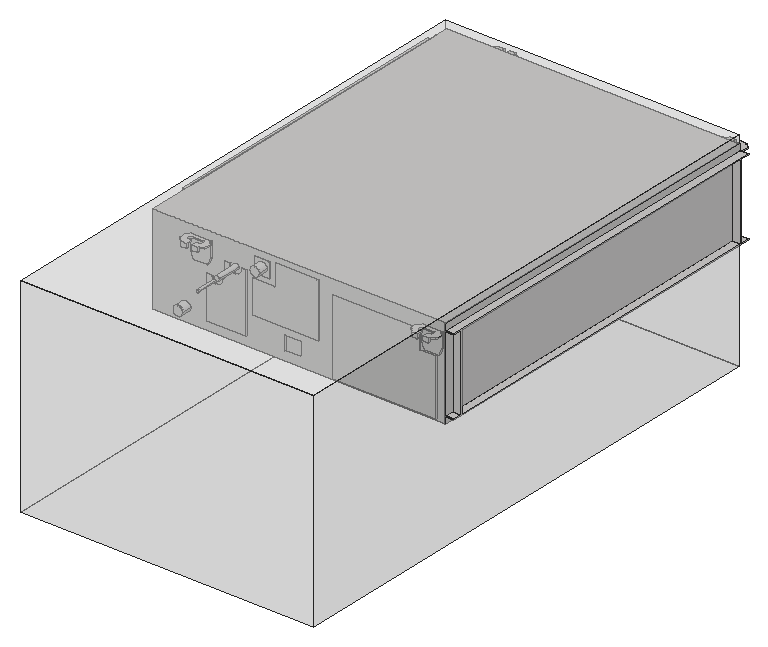
Revit family "outputfile", category 機械設備, Revit 2024
Family settings
  丸型コネクタ寸法 = 半径を使用
  パーツ タイプ = 標準
  OmniClass 番号 = 23.75.10.24.21.27.27
  OmniClass タイトル = Split System Air Conditioning Units
  作業面ベース = いいえ
  常に垂直 = はい
  ロード時にボイドで切り取り = いいえ
  注釈の向きを維持 = いいえ
  共有 = いいえ
  部屋計算ポイント = はい
Parameters (values of type "FBA60BAVMA8")
  製造元 = "Daikin"
  書き出し IFC クラス(タイプ) = "IfcUnitaryEquipmentType"
  定義済み IFC タイプ(タイプ) = "AIRCONDITIONINGUNIT"
  モデル = "FBA60BAVMA8"
  switch_frequency = yes
  r_Liquid Pipe Size = Liquid Pipe Size / 2  # 3.2 mm
  r_Gas Pipe Size = Gas Pipe Size / 2  # 6.35 mm
  r_Drain Pipe Size = Drain Pipe Size / 2  # 12.5 mm
  lw_power = 770.0 mm  # constant formula
  lh_SA = 138.0 mm  # constant formula
  lw_SA = if(Width = 550.0 mm, 225.0 mm, if(Width = 700.0 mm, 300.0 mm, if(Width = 1000.0 mm, 450.0 mm, if(Width = 1400.0 mm, 650.0 mm, 725.0 mm))))  # 450.0 mm
  lw_RA = if(Width = 550.0 mm, 275.0 mm, if(Width = 700.0 mm, 349.0 mm, if(Width = 1000.0 mm, 499.0 mm, if(Width = 1400.0 mm, 699.0 mm, 775.0 mm))))  # 499.0 mm
  lh_power = 60.0 mm + [h***]  # 60.0 mm
  lh_mountinghole1 = lh_mountinghole + [h***]  # 222.0 mm
  lh_RA = 123.0 mm  # constant formula
  ld_power = Width / 2  # 500.0 mm
  connector_voltage = Voltage_50Hz  # 230 V
  connector_powerinput = [Power Input (Cooling)]  # 1.670 kW
  connector_phase = Phase_50Hz  # 1
  Voltage_comment_60Hz = "220-230"
  Voltage_comment_50Hz = "220-240"
  Voltage_60Hz = 220 V
  Voltage_50Hz = 230 V
  Total Heating Capacity [instance] = 0.000 kW
  Supply Air Direction [instance] = yes
  Sound Power Level_H speed (dB) = 63
  Power Input (Heating) = 1.710 kW
  Phase_60Hz = 1
  Phase_50Hz = 1
  Nominal Heating Capacity = 7.100 kW
  Minimum External Static Pressure = 50.00 Pa
  Maximum External Static Pressure = 150.00 Pa
  Material_Casing = DAIKIN_GalvanizedSteel_Casing_indoorunit
  lw_mountinghole = 630.0 mm  # constant formula
  lh_gaspipe = 183.0 mm + [h***]  # 183.0 mm
  lh_mountinghole = 222.0 mm  # constant formula
  lh_liquidpipe = 136.0 mm + [h***]  # 136.0 mm
  lh_drainpipe = 207.0 mm + [h***]  # 207.0 mm
  lh_antena = Height - lh_mountinghole + 1.0 mm  # 24.0 mm
  ld_drainpipe = Width / 2 + 26.0 mm  # 526.0 mm
  ld_liquidpipe = Width / 2 + 69.0 mm  # 569.0 mm
  ld_gaspipe = Width / 2 + 65.0 mm  # 565.0 mm
  ld_mountinghole = Width + 38.0 mm  # 1038.0 mm
  h*** = 0.0 mm  # constant formula
  lw_liquidpipe = 179.0 mm  # constant formula
  lw_gaspipe = 229.0 mm  # constant formula
  lw_drainpipe = 300.0 mm  # constant formula
  Width = 1000.0 mm
  Version = "ver.1.0"
  Unit Type = "Duct"
  Unit Mass Weight = 37.00 kg
  Unit Designation [instance] = ""
  Uniclass2015Version = "Products v1.30"
  Uniclass2015Title = "Split coil room air conditioning units"
  Uniclass2015Code = "Pr_70_65_03_86"
  Total Cooling Capacity [instance] = 0.000 kW
  Sound Pressure Level_M speed (dBA) = 33
  Sound Pressure Level_L speed (dBA) = 31
  Sound Pressure Level_H speed (dBA) = 35
  Series = "SkyAir_Fan Coil Unit"
  Sensible Cooling Capacity [instance] = 0.000 kW
  SA Duct Size Width = 792.0 mm
  SA Duct Size Height = 176.0 mm
  Refrigerant Type = "R32"
  RA Duct Size Width = 952.0 mm
  RA Duct Size Height = 208.0 mm
  Power Input (Cooling) = 1.670 kW
  Option Accessory 3 [instance] = ""
  Option Accessory 2 [instance] = ""
  Option Accessory 1 [instance] = ""
  Nominal Cooling Capacity = 6.000 kW
  Minimum Airflow = 750.00 m³/h
  Median Airflow = 900.00 m³/h
  Maximum Airflow = 1080.00 m³/h
  Load Classification = HVAC
  Liquid Pipe Size = 6.4 mm
  Link_Nested Family [instance] = ""
  IfcVersion = ""
  IfcExportType = "AIRCONDITIONINGUNIT"
  IfcExportAs = "IfcUnitaryEquipmentType"
  Height = 245.0 mm
  Heating Entering Wet Bulb Temperature [instance] = -273.15 °C
  Heating Entering Dry Bulb Temperature [instance] = -273.15 °C
  Heating Ambient Wet Bulb Temperature [instance] = -273.15 °C
  Heating Ambient Dry Bulb Temperature [instance] = -273.15 °C
  Heat Exchanger Type = "Cross Fin Coil"
  Gas Pipe Size = 12.7 mm
  Frequency_60Hz = 60 Hz
  Frequency_50Hz = 50 Hz
  Fan Type = "Sirocco Fan"
  Fan Drive = "Direct Drive"
  FCU Tag No. [instance] = ""
  Drain Pipe Size = 25.0 mm
  Design Supply Airflow [instance] = 0.00 m³/h
  Design Return Airflow [instance] = 0.00 m³/h
  Design External Static Pressure [instance] = 0.00 Pa
  Depth = 800.0 mm
  既定の高さ = 0.0 mm
  Cooling Entering Wet Bulb Temperature [instance] = 0.00 °C
  Cooling Entering Dry Bulb Temperature [instance] = 0.00 °C
  Cooling Ambient Wet Bulb Temperature [instance] = 0.00 °C
  Cooling Ambient Dry Bulb Temperature [instance] = 0.00 °C
  Clearance visibility [instance] = yes
  Clearance Top = 20.0 mm
  Clearance Right = 0.0 mm
  Clearance Rear = 0.0 mm
  Clearance Left = 0.0 mm
  Clearance Front = 450.0 mm
  Clearance Bottom = 300.0 mm
Reference planes
  plane 1 "Center (Front/Back)": y = 0
  plane 2 "h": z = 0
  plane 3 "Center (Left/Right)": x = 0
  plane 4 "Back": y = 500
  plane 5 "Front": y = -500
  plane 6 "Left": x = -400
  plane 7 "Right": x = 400
  plane 8 "Top": z = 0
  plane 9 "Bottom": z = -245
  plane 10: y = -215
  plane 11: y = 500
  plane 12: y = -950
  plane 13: x = -400
  plane 14: x = 400
  plane 15: z = 20
  plane 16: z = -545
  plane 17: x = -400
  plane 18: x = -399
  plane 19: x = 399
  plane 20: y = 50
  plane 21: y = -1
  plane 22: z = -122
  plane 23: y = -501
  plane 24: z = -109
  plane 25: x = -221
  plane 26: y = -565
  plane 27: z = -62
  plane 28: x = -171
  plane 29: y = -526
  plane 30: z = -38
  plane 31: x = -100
  plane 32: x = -100
  plane 33: x = -221
  plane 34: x = -171
  plane 35: x = 370
  plane 36: x = -266
  plane 37: x = 364
  plane 38: y = -519
  plane 39: y = 519
  plane 40: z = -23
  plane 41: z = -107
  plane 42: y = -569
  plane 43: z = -207
  plane 44: x = -309
  plane 45: y = -376
  plane 46: x = -251
  plane 47: x = -203
  plane 48: x = -144
  plane 49: z = -59
  plane 50: z = -106
  plane 51: z = -221
  plane 52: z = -109
  plane 53: x = -221
  plane 54: z = -62
  plane 55: x = -171
  plane 56: z = -17
  plane 57: z = -59
  plane 58: x = -121
  plane 59: x = -79
  plane 60: x = -125
  plane 61: x = -64
  plane 62: x = 53
  plane 63: z = -164
  plane 64: z = -73
  plane 65: z = -16
  plane 66: x = 93.5
  plane 67: x = 374.5
  plane 68: x = 330
  plane 69: z = -88.5
  plane 70: z = -38
  plane 71: z = -242.5
  plane 72: x = -38.5
  plane 73: x = 6.5
  plane 74: z = -181
  plane 75: z = -221
  plane 76: y = -499
  plane 77: x = -424
  plane 78: x = 424
Forms (mm)
  Extrusion 1, solid, material "DAIKIN_GalvanizedSteel_Casing_indoorunit" <- "Material_Casing"
    sketch origin (0, 0, 0) x (1, 0, 0) y (0, 1, 0)
      loop
        line (-399, 500) -> (-399, -500) -> (399, -500) -> (399, 500) -> (-399, 500)
    from -245 to 0
  Extrusion 2, solid, material "DAIKIN_GalvanizedSteel_Casing_indoorunit" <- "Material_Casing"
    sketch origin (0, 0, 0) x (1, 0, 0) y (0, 0, 1)
      loop
        line (-251, -221) -> (-144, -221) -> (-144, -59) -> (-154.47, -59)
        arc (-154.47, -59) -> (-171, -78.8) -> (-187.53, -59) r 16.8
        line (-187.53, -59) -> (-203, -59) -> (-203, -106) -> (-206.916, -106)
        arc (-206.916, -106) -> (-221, -123.4) -> (-235.084, -106) r 14.4
        line (-235.084, -106) -> (-251, -106) -> (-251, -221)
    from 500 to 501
  Extrusion 3, solid, material "DAIKIN_GalvanizedSteel_Casing_indoorunit" <- "Material_Casing"
    sketch origin (0, 0, 0) x (1, 0, 0) y (0, 0, 1)
      loop
        line (-121, -17) -> (-121, -59) -> (-79, -59) -> (-79, -17) -> (-121, -17)
      loop
        line (-125, -73) -> (-125, -164) -> (53, -164) -> (53, -16) -> (-64, -16) -> (-64, -73) -> (-125, -73)
    from 500 to 501
  Extrusion 4, solid, material "DAIKIN_GalvanizedSteel_Casing_indoorunit" <- "Material_Casing"
    sketch origin (0, 0, 0) x (1, 0, 0) y (0, 0, 1)
      loop
        line (93.5, -38) -> (93.5, -242.5) -> (374.5, -242.5) -> (374.5, -88.5) -> (330, -88.5) -> (330, -38) -> (93.5, -38)
    from 500 to 501
  Extrusion 5, solid, material "DAIKIN_GalvanizedSteel_Casing_indoorunit" <- "Material_Casing"
    sketch origin (0, 0, 0) x (1, 0, 0) y (0, 0, 1)
      loop
        circle (-221, -109) r 3.2
    from 500 to 569
  Extrusion 6, solid, material "DAIKIN_GalvanizedSteel_Casing_indoorunit" <- "Material_Casing"
    sketch origin (0, 0, 0) x (1, 0, 0) y (0, 0, 1)
      loop
        circle (-171, -62) r 6.35
    from 500 to 565
  Extrusion 7, solid, material "DAIKIN_GalvanizedSteel_Casing_indoorunit" <- "Material_Casing"
    sketch origin (0, 0, 0) x (1, 0, 0) y (0, 0, 1)
      loop
        circle (-100, -38) r 12.5
    from 501 to 526
  Extrusion 8, solid, material "DAIKIN_GalvanizedSteel_Casing_indoorunit" <- "Material_Casing"
    sketch origin (0, 0, 0) x (1, 0, 0) y (0, 0, 1)
      loop
        circle (-309, -207) r 13
    from 500 to 526
  Extrusion 9, void
    sketch origin (0, 0, 0) x (1, 0, 0) y (0, 0, 1)
      loop
        line (-38.5, -181) -> (-38.5, -221) -> (6.5, -221) -> (6.5, -181) -> (-38.5, -181)
    from 499 to 500
Cuts and joins
  Extrusion 9 cuts Extrusion 1
Dimensions and locks
  "Height": plane 8 "Top" to plane 9 "Bottom"
  equal spacing: plane 4 "Back", plane 1 "Center (Front/Back)", plane 5 "Front"
  "Width": plane 4 "Back" to plane 5 "Front"
  equal spacing: plane 6 "Left", plane 3 "Center (Left/Right)", plane 7 "Right"
  "Depth": plane 6 "Left" to plane 7 "Right"
  "Clearance Left": plane 13 to plane 6 "Left"
  "Clearance Right": plane 7 "Right" to plane 14
  "Clearance Rear": plane 11 to plane 4 "Back"
  "Clearance Front": plane 5 "Front" to plane 12
  "Clearance Top": plane 15 to plane 8 "Top"
  "Clearance Bottom": plane 9 "Bottom" to plane 16
  locked: plane 17 to plane 18 at 1
  locked: plane 19 to plane 14 at 1
  "lw_SA": plane 11 to plane 20
  "lw_RA": plane 21 to plane 5 "Front"
  "lh_RA": plane 22 to plane 9 "Bottom"
  locked: plane 5 "Front" to plane 23 at 1
  "lw_liquidpipe": plane 25 to plane 6 "Left"
  "lh_liquidpipe": plane 24 to plane 9 "Bottom"
  "lh_gaspipe": plane 27 to plane 9 "Bottom"
  "lw_gaspipe": plane 28 to plane 6 "Left"
  "ld_gaspipe": plane 26 to plane 1 "Center (Front/Back)"
  "ld_drainpipe": plane 29 to plane 1 "Center (Front/Back)"
  "lh_drainpipe": plane 30 to plane 9 "Bottom"
  "lw_drainpipe": plane 31 to plane 6 "Left"
  "lw_drainpipe": plane 6 "Left" to plane 32
  "lw_liquidpipe": plane 6 "Left" to plane 33
  "lw_gaspipe": plane 6 "Left" to plane 34
  "lw_power": plane 6 "Left" to plane 35
  locked: plane 17 to plane 36 at 134
  "lw_mountinghole": plane 36 to plane 37
  equal spacing: plane 38, plane 1 "Center (Front/Back)", plane 39
  "ld_mountinghole": plane 39 to plane 38
  "lh_mountinghole": plane 40 to plane 9 "Bottom"
  "lh_SA": plane 41 to plane 9 "Bottom"
  locked: plane 44 to plane 6 "Left" at 91
  locked: plane 43 to plane 9 "Bottom" at 38
  plane 48 to plane 47 to plane 46 to plane 6 "Left" = 59.0 mm, 48.0 mm, 149.0 mm
  plane 8 "Top" to plane 49 to plane 50 to plane 51 = 59.0 mm locked, 47.0 mm locked, 115.0 mm locked
  plane 55 to plane 53 to plane 6 "Left" = 50.0 mm locked, 179.0 mm locked
  plane 54 to plane 52 to plane 9 "Bottom" = 47.0 mm locked, 136.0 mm locked
  plane 59 to plane 58 to plane 6 "Left" = 42.0 mm locked, 279.0 mm locked
  plane 8 "Top" to plane 56 to plane 57 = 17.0 mm locked, 42.0 mm locked
  plane 62 to plane 61 to plane 60 to plane 6 "Left" = 117.0 mm, 61.0 mm, 275.0 mm
  plane 8 "Top" to plane 65 to plane 64 = 16.0 mm locked, 57.0 mm locked
  locked: plane 65 to plane 63 at 148
  plane 8 "Top" to plane 70 to plane 69 to plane 71 = 38.0 mm locked, 50.5 mm locked, 154.0 mm locked
  plane 67 to plane 68 to plane 66 to plane 6 "Left" = 44.5 mm locked, 236.5 mm locked, 493.5 mm locked
  plane 8 "Top" to plane 74 to plane 75 = 181.0 mm locked, 40.0 mm locked
  plane 73 to plane 72 to plane 6 "Left" = 45.0 mm, 361.5 mm
  locked: plane 76 to plane 5 "Front" at 1
  locked: plane 77 to plane 17 at 24
  locked: plane 14 to plane 78 at 24
  "ld_liquidpipe": plane 42 to plane 1 "Center (Front/Back)"
  "r_Liquid Pipe Size": radius of Extrusion 5 sketch curve
  "r_Gas Pipe Size": radius of Extrusion 6 sketch curve
  "r_Drain Pipe Size": radius of Extrusion 7 sketch curve
  aligned and locked: level to plane 2 "h"
  aligned and locked: plane 8 "Top" to Extrusion 1
  aligned and locked: Extrusion 1 to plane 9 "Bottom"
  aligned and locked: nested 5 to plane 12
  aligned and locked: plane 13 to nested 5
  aligned and locked: plane 14 to nested 5
  aligned and locked: nested 5 to plane 13
  aligned and locked: plane 11 to nested 5
  aligned and locked: plane 15 to nested 5
  aligned and locked: plane 16 to nested 5
  aligned and locked: plane 5 "Front" to Extrusion 1 sketch curve
  aligned and locked: Extrusion 1 to plane 18
  aligned and locked: plane 19 to Extrusion 1
  aligned and locked: nested 7 to plane 18
  aligned and locked: nested 7 to plane 20
  aligned and locked: plane 19 to nested 8
  aligned and locked: plane 21 to nested 8
  aligned and locked: plane 22 to nested 8
  aligned and locked: Extrusion 2 to plane 23
  aligned and locked: plane 5 "Front" to Extrusion 2
  aligned and locked: Extrusion 3 to plane 23
  aligned and locked: plane 5 "Front" to Extrusion 3
  aligned and locked: plane 5 "Front" to Extrusion 4
  aligned and locked: Extrusion 5 sketch curve to plane 25
  aligned and locked: plane 24 to Extrusion 5 sketch curve
  aligned and locked: plane 5 "Front" to Extrusion 5
  aligned and locked: Extrusion 6 sketch curve to plane 28
  aligned and locked: plane 27 to Extrusion 6 sketch curve
  aligned and locked: plane 5 "Front" to Extrusion 6
  aligned and locked: Extrusion 7 sketch curve to plane 31
  aligned and locked: Extrusion 7 sketch curve to plane 30
  aligned and locked: Extrusion 7 to plane 29
  aligned and locked: plane 23 to Extrusion 7
  aligned and locked: nested 3 to plane 29
  aligned and locked: plane 32 to nested 3
  aligned and locked: nested 2 to plane 33
  aligned and locked: nested 1 to plane 34
  aligned and locked: Extrusion 6 to plane 26
  aligned and locked: nested 1 to plane 26
  aligned and locked: nested 6 to plane 5 "Front"
  aligned and locked: nested 6 to plane 35
  aligned and locked: plane 36 to nested 10
  aligned and locked: nested 10 to plane 5 "Front"
  aligned and locked: plane 37 to nested 9
  aligned and locked: nested 9 to plane 5 "Front"
  aligned and locked: nested 11 to plane 36
  aligned and locked: plane 4 "Back" to nested 11
  aligned and locked: nested 12 to plane 37
  aligned and locked: plane 4 "Back" to nested 12
  aligned and locked: plane 40 to nested 10
  aligned and locked: plane 40 to nested 11
  aligned and locked: plane 40 to nested 9
  aligned and locked: plane 40 to nested 12
  aligned and locked: plane 36 to nested 14
  aligned and locked: nested 14 to plane 39
  aligned and locked: plane 37 to nested 13
  aligned and locked: nested 13 to plane 39
  aligned and locked: plane 37 to nested 16
  aligned and locked: plane 38 to nested 16
  aligned and locked: plane 38 to nested 15
  aligned and locked: plane 36 to nested 15
  aligned and locked: plane 17 to plane 6 "Left"
  aligned and locked: plane 41 to nested 7
  aligned and locked: Extrusion 5 to plane 42
  aligned and locked: nested 2 to plane 42
  aligned and locked: Extrusion 8 sketch curve to plane 44
  aligned and locked: plane 43 to Extrusion 8 sketch curve
  aligned and locked: plane 5 "Front" to Extrusion 8
  aligned and locked: Extrusion 3 sketch curve to plane 56
  aligned and locked: Extrusion 3 sketch curve to plane 58
  aligned and locked: plane 57 to Extrusion 3 sketch curve
  aligned and locked: plane 59 to Extrusion 3 sketch curve
  aligned and locked: Extrusion 4 to plane 23
  aligned and locked: Extrusion 9 sketch curve to plane 74
  aligned and locked: plane 75 to Extrusion 9 sketch curve
  aligned and locked: plane 73 to Extrusion 9 sketch curve
  aligned and locked: plane 5 "Front" to Extrusion 9
  aligned and locked: plane 76 to Extrusion 9
  aligned and locked: nested 17 to plane 20
  aligned and locked: nested 17 to plane 77
  aligned and locked: plane 21 to nested 18
  aligned and locked: plane 78 to nested 18
  aligned and locked: plane 41 to nested 17
  aligned and locked: nested 18 to plane 22
  aligned and locked: nested 4 to plane 3 "Center (Left/Right)"
  aligned and locked: plane 1 "Center (Front/Back)" to nested 4
  aligned and locked: level to plane 8 "Top"
Automatic sketch dimensions
  plane 6 "Left" to Extrusion 1 sketch curve = 1.0 mm
  Extrusion 1 sketch curve to plane 7 "Right" = 1.0 mm
  Extrusion 1 sketch curve to plane 4 "Back" = 0.0 mm
  Extrusion 2 sketch curve to plane 46 = 0.0 mm
  Extrusion 2 sketch curve to plane 33 = 0.0 mm
  Extrusion 2 sketch curve to plane 47 = 0.0 mm
  Extrusion 2 sketch curve to plane 34 = 0.0 mm
  Extrusion 2 sketch curve to plane 48 = 0.0 mm
  Extrusion 2 sketch curve to plane 51 = 0.0 mm
  Extrusion 2 sketch curve to plane 52 = 0.0 mm
  Extrusion 2 sketch curve to plane 50 = 0.0 mm  (x3)
  Extrusion 2 sketch curve to plane 54 = 0.0 mm
  Extrusion 2 sketch curve to plane 49 = 0.0 mm  (x3)
  plane 33 to Extrusion 2 sketch curve = 14.084 mm
  plane 34 to Extrusion 2 sketch curve = 16.53 mm
  Extrusion 3 sketch curve to plane 60 = 0.0 mm
  Extrusion 3 sketch curve to plane 61 = 0.0 mm
  Extrusion 3 sketch curve to plane 62 = 0.0 mm
  Extrusion 3 sketch curve to plane 63 = 0.0 mm
  Extrusion 3 sketch curve to plane 64 = 0.0 mm
  Extrusion 3 sketch curve to plane 65 = 0.0 mm
  Extrusion 4 sketch curve to plane 66 = 0.0 mm
  Extrusion 4 sketch curve to plane 68 = 0.0 mm
  Extrusion 4 sketch curve to plane 67 = 0.0 mm
  Extrusion 4 sketch curve to plane 71 = 0.0 mm
  Extrusion 4 sketch curve to plane 69 = 0.0 mm
  Extrusion 4 sketch curve to plane 70 = 0.0 mm
  Extrusion 9 sketch curve to plane 72 = 0.0 mm
  radius of Extrusion 8 sketch curve = 13.0 mm
Nested families
  nested 1: "daikin_connector_rotate2" at (-171, 0, -62), length <- "ld_gaspipe", built-in parameter 1001364 <- "lh_gaspipe", radius <- "r_Gas Pipe Size", type "daikin_connector_rotate2"
    with radius 6.35 mm, length 565.0 mm, angle_vertical 90.00°
  nested 2: "daikin_connector_rotate2" at (-221, 0, -109), length <- "ld_liquidpipe", built-in parameter 1001364 <- "lh_liquidpipe", radius <- "r_Liquid Pipe Size", type "daikin_connector_rotate2"
    with radius 3.2 mm, length 569.0 mm, angle_vertical 90.00°
  nested 3: "daikin_connector_rotate2" at (-100, 0, -38), length <- "ld_drainpipe", built-in parameter 1001364 <- "lh_drainpipe", radius <- "r_Drain Pipe Size", type "daikin_connector_rotate2"
    with radius 12.5 mm, length 526.0 mm, angle_vertical 90.00°
  nested 4: "daikin_△_symbolicline" at (0, 0, 245) x (0, -1, 0) z (0, 0, 1), built-in parameter 1001364 <- "Height", visible <- "Supply Air Direction", type "daikin_△_symbolicline"
    with length 200.0 mm
  nested 5: "daikin_clearancespace" at (0, -225, -262.381), visible <- "Clearance visibility", show <- "Clearance visibility", Link_Nested Family <- "Link_Nested Family", type "daikin_clearancespace"
    with width 800.0 mm, show yes, height 565.0 mm, depth 1450.0 mm, Link_Nested Family ""
  nested 6: "daikin_connector_rotate2" at (370, 0, -185), built-in parameter 1001364 <- "lh_power", length <- "ld_power", type "daikin_connector_rotate2"
    with radius 10.0 mm, length 500.0 mm, angle_vertical 90.00°
  nested 7: "daikin_ductflange_FBA-BAVMA8_2" at (-399, 50, -107) x (0, -1, 0) z (0, 0, 1), type "daikin_ductflange_FBA-BAVMA8_2"
    with width 792.0 mm, w 1000.0 mm
  nested 8: "daikin_ductflange_FBA-BAVMA8" at (399, -1, -122) x (0, 1, 0) z (0, 0, 1), type "daikin_ductflange_FBA-BAVMA8"
    with width 952.0 mm, lw 25.0 mm, w 1000.0 mm
  nested 9: "daikin_hangerfixture_FBA-BAVMA8" at (364, -500, -23), type "daikin_hangerfixture_FBA-BAVMA8"
  nested 10: "daikin_hangerfixture_FBA-BAVMA8" at (-266, -500, -23), type "daikin_hangerfixture_FBA-BAVMA8"
  nested 11: "daikin_hangerfixture_FBA-BAVMA8" at (-266, 500, -23) x (-1, 0, 0) z (0, 0, 1), type "daikin_hangerfixture_FBA-BAVMA8"
  nested 12: "daikin_hangerfixture_FBA-BAVMA8" at (364, 500, -23) x (-1, 0, 0) z (0, 0, 1), type "daikin_hangerfixture_FBA-BAVMA8"
  nested 13: "daikin_mountinghole" at (364, 519, -245), h_mountinghole <- "lh_mountinghole1", l_antenna <- "lh_antena", Link_Nested Family <- "Link_Nested Family", type "daikin_mountinghole"
    with show yes, l_antenna 24.0 mm, h_mountinghole 222.0 mm, Link_Nested Family ""
  nested 14: "daikin_mountinghole" at (-266, 519, -245), h_mountinghole <- "lh_mountinghole1", l_antenna <- "lh_antena", Link_Nested Family <- "Link_Nested Family", type "daikin_mountinghole"
    with show yes, l_antenna 24.0 mm, h_mountinghole 222.0 mm, Link_Nested Family ""
  nested 15: "daikin_mountinghole" at (-266, -519, -245), h_mountinghole <- "lh_mountinghole1", l_antenna <- "lh_antena", Link_Nested Family <- "Link_Nested Family", type "daikin_mountinghole"
    with show yes, l_antenna 24.0 mm, h_mountinghole 222.0 mm, Link_Nested Family ""
  nested 16: "daikin_mountinghole" at (364, -519, -245), h_mountinghole <- "lh_mountinghole1", l_antenna <- "lh_antena", Link_Nested Family <- "Link_Nested Family", type "daikin_mountinghole"
    with show yes, l_antenna 24.0 mm, h_mountinghole 222.0 mm, Link_Nested Family ""
  nested 17: "daikin_connector_rotate2" at (-400, 50, -107) x (0, -1, 0) z (0, 0, 1), type "daikin_connector_rotate2"
    with radius 10.0 mm, length 24.0 mm, angle_vertical 90.00°
  nested 18: "daikin_connector_rotate2" at (400, -1, -122) x (0, 1, 0) z (0, 0, 1), type "daikin_connector_rotate2"
    with radius 10.0 mm, length 24.0 mm, angle_vertical 90.00°
Connectors
  piping at (-100, -526, -38), diameter 25, driven by "r_Drain Pipe Size"
    settings: on nested 3, index 3, connector inside diameter 609.6 mm, connector length 0.0 mm, flow factor 0, pipe flow 0.00 m³/h, pressure drop 0.0 Pa, fitting loss kfactor 0, connector angle 0.00°, fixture units 0, engagement length 0.0 mm, angle of deflection 0.00°, flow configuration 1, flow direction 2, fitting loss method 4, system type 16, joint type 0, gender type 0, connector reference index -1, connector utility 0, adjustable connector no, is connector primary yes, connector description "Condensate Drain Piping"
  piping at (-171, -565, -62), diameter 12.7, driven by "r_Gas Pipe Size"
    settings: on nested 1, index 4, connector inside diameter 609.6 mm, connector length 0.0 mm, flow factor 0, pipe flow 0.00 m³/h, pressure drop 0.0 Pa, fitting loss kfactor 0, connector angle 0.00°, fixture units 0, engagement length 0.0 mm, angle of deflection 0.00°, flow configuration 1, flow direction 2, fitting loss method 0, system type 29, joint type 0, gender type 0, connector reference index -1, connector utility 0, adjustable connector no, is connector primary no, connector description "Refrigerant Gas Piping"
  piping at (-221, -569, -109), diameter 6.4, driven by "r_Liquid Pipe Size"
    settings: on nested 2, index 5, connector inside diameter 609.6 mm, connector length 0.0 mm, flow factor 0, pipe flow 0.00 m³/h, pressure drop 0.0 Pa, fitting loss kfactor 0, connector angle 0.00°, fixture units 0, engagement length 0.0 mm, angle of deflection 0.00°, flow configuration 1, flow direction 1, fitting loss method 0, system type 29, joint type 0, gender type 0, connector reference index -1, connector utility 0, adjustable connector no, is connector primary no, connector description "Refrigerant Liquid Piping"
  electrical at (370, -500, -185), driven by "Load Classification", driven by "connector_voltage", driven by "connector_phase", driven by "connector_powerinput"
    settings: on nested 6, index 6, voltage 230 V, apparent load 1670 VA, apparent load phase1 0 VA, apparent load phase2 0 VA, apparent load phase3 0 VA, power factor 1, load classification "HVAC", number of poles 1, system type 30, power factor state 1, is connector primary yes, connector utility no, sub classification motor no, connector description "Power Supply"
  hvac at (-424, 50, -107), driven by "SA Duct Size Height", driven by "SA Duct Size Width"
    settings: on nested 17, index 7, duct flow 0.00 m³/h, flow factor 0, pres drop 0.00 Pa, loss coef 0, conn angle 0.00°, conn width 792.0 mm, conn height 176.0 mm, conn diameter 609.6 mm, duct sys type 1, conn prof type 1, flow config 0, flow direction 2, loss method 4, conn ref index -1, conn util no, is conn primary yes, conn desc "SA Duct"
  hvac at (424, -1, -122), driven by "RA Duct Size Height", driven by "RA Duct Size Width"
    settings: on nested 18, index 8, duct flow 0.00 m³/h, flow factor 0, pres drop 0.00 Pa, loss coef 0, conn angle 0.00°, conn width 952.0 mm, conn height 208.0 mm, conn diameter 609.6 mm, duct sys type 2, conn prof type 1, flow config 0, flow direction 1, loss method 4, conn ref index -1, conn util no, is conn primary no, conn desc "RA Duct"
Definition of nested family "daikin_clearancespace"
  Parameters (values of type "daikin_clearancespace")
    Description = "daikin_clearancespace"
    width [instance] = 1823.963 mm
    show [instance] = yes
    material = none
    height [instance] = 1359.762 mm
    depth [instance] = 880.0 mm
    Default Elevation = 0.0 mm
    Link_Nested Family [instance] = ""
  Reference planes
    plane 1 "Center (Front/Back)": y = 0
    plane 2 "Center (Elevation)": z = -0.119
    plane 3 "Center (Left/Right)": x = 0
    plane 4: y = 440
    plane 5: y = -440
    plane 6 "Right": x = 911.982
    plane 7 "Left": x = -911.982
    plane 8 "Top": z = 679.762
    plane 9 "Bottom": z = -680
  Forms (mm)
    Extrusion 1, solid, material <- "material", visible <- "show"
      sketch origin (0, 0, 0) x (1, 0, 0) y (0, 1, 0)
        loop
          line (-911.982, 440) -> (-911.982, -440) -> (911.982, -440) -> (911.982, 440) -> (-911.982, 440)
      from -680 to 679.762
  Lines and regions (mm)
    symbolic lines, visible <- "show"
      curve 1: line (911.982, 440, 0) -> (-911.982, 440, 0)
      curve 2: line (-911.982, 440, 0) -> (-911.982, -440, 0)
      curve 3: line (-911.982, -440, 0) -> (911.982, -440, 0)
      curve 4: line (911.982, -440, 0) -> (911.982, 440, 0)
      curve 5: line (911.982, 0, 679.762) -> (-911.982, 0, 679.762)
      curve 6: line (911.982, 0, -680) -> (911.982, 0, 679.762)
      curve 7: line (-911.982, 0, -680) -> (911.982, 0, -680)
      curve 8: line (-911.982, 0, 679.762) -> (-911.982, 0, -680)
      curve 9: line (0, 440, 679.762) -> (0, -440, 679.762)
      curve 10: line (0, -440, 679.762) -> (0, -440, -680)
      curve 11: line (0, 440, -680) -> (0, 440, 679.762)
      curve 12: line (0, -440, -680) -> (0, 440, -680)
  Dimensions and locks
    "width": plane 7 "Left" to plane 6 "Right"
    "depth": plane 4 to plane 5
    "height": plane 8 "Top" to plane 9 "Bottom"
    equal spacing: plane 7 "Left", plane 3 "Center (Left/Right)", plane 6 "Right"
    equal spacing: plane 4, plane 1 "Center (Front/Back)", plane 5
    equal spacing: plane 8 "Top", plane 2 "Center (Elevation)", plane 9 "Bottom"
    aligned and locked: level to plane 2 "Center (Elevation)"
    aligned and locked: Extrusion 1 sketch curve to plane 4
    aligned and locked: plane 7 "Left" to Extrusion 1 sketch curve
    aligned and locked: Extrusion 1 sketch curve to plane 5
    aligned and locked: Extrusion 1 sketch curve to plane 6 "Right"
    aligned and locked: plane 8 "Top" to Extrusion 1
    aligned and locked: curve 1 to Extrusion 1
    aligned and locked: curve 2 to Extrusion 1
    aligned and locked: curve 3 to Extrusion 1
    aligned and locked: curve 4 to Extrusion 1
    aligned and locked: curve 5 to Extrusion 1
    aligned and locked: curve 6 to Extrusion 1
    aligned and locked: curve 7 to Extrusion 1
    aligned and locked: curve 8 to Extrusion 1
    aligned and locked: curve 9 to Extrusion 1
    aligned and locked: curve 10 to Extrusion 1
    aligned and locked: curve 11 to Extrusion 1
    aligned and locked: curve 12 to Extrusion 1
    aligned and locked: Extrusion 1 to plane 9 "Bottom"
Definition of nested family "daikin_ductflange_FBA-BAVMA8_2"
  Parameters (values of type "daikin_ductflange_FBFC-DVMG2")
    width = if(w = 550.0 mm, 337.0 mm, if(w = 700.0 mm, 492.0 mm, if(w = 1000.0 mm, 792.0 mm, if(w = 1400.0 mm, 1192.0 mm, 1337.0 mm))))  # 1192.0 mm
    material = none
    height = 215.0 mm
    depth = 1.0 mm
    w = 1400.0 mm
    Default Elevation = 0.0 mm
  Reference planes
    plane 1 "Center (Front/Back)": y = 0
    plane 2: z = 0
    plane 3 "Center (Left/Right)": x = 0
    plane 4: z = 88
    plane 5: z = -88
    plane 6: y = -25
    plane 7: z = 106
    plane 8: z = 89
    plane 9: y = -1
    plane 10: x = -617.5
    plane 11: x = 617.5
    plane 12: z = -106
    plane 13: z = -89
    plane 14: y = -1
    plane 15: x = 596
    plane 16: x = -596
    plane 17: x = 597
    plane 18: z = 87
    plane 19: z = -87
    plane 20: x = -597
    plane 21: z = 87
    plane 22: z = -87
    plane 23: y = -1
  Forms (mm)
    Extrusion 1, solid, material <- "material"
      sketch origin (0, 0, 0) x (0, 1, 0) y (0, 0, 1)
        loop
          line (-25, 88) -> (0, 88) -> (0, 106) -> (-1, 106) -> (-1, 89) -> (-25, 89) -> (-25, 88)
      from -617.5 to 617.5
    Extrusion 2, solid, material <- "material"
      sketch origin (0, 0, 0) x (0, 1, 0) y (0, 0, 1)
        loop
          line (-25, -88) -> (-25, -89) -> (-1, -89) -> (-1, -106) -> (0, -106) -> (0, -88) -> (-25, -88)
      from -617.5 to 617.5
    Extrusion 3, solid, material <- "material"
      sketch origin (0, 0, 0) x (1, 0, 0) y (0, 0, 1)
        loop
          line (596, 88) -> (596, -88) -> (617.5, -88) -> (617.5, -87) -> (597, -87) -> (597, 87) -> (617.5, 87) -> (617.5, 88) -> (596, 88)
      from 0 to 25
    Extrusion 4, solid, material <- "material"
      sketch origin (0, 0, 0) x (1, 0, 0) y (0, 0, 1)
        loop
          line (-617.5, 88) -> (-617.5, 87) -> (-597, 87) -> (-597, -87) -> (-617.5, -87) -> (-617.5, -88) -> (-596, -88) -> (-596, 88) -> (-617.5, 88)
      from 0 to 25
    Extrusion 5, solid, material <- "material"
      sketch origin (0, 0, 0) x (1, 0, 0) y (0, 0, 1)
        loop
          line (-617.5, 88) -> (-617.5, -88) -> (-596, -88) -> (-596, 88) -> (-617.5, 88)
        loop
          line (617.5, 88) -> (596, 88) -> (596, -88) -> (617.5, -88) -> (617.5, 88)
      from 0 to 1
  Cuts and joins
    joined: Extrusion 1, Extrusion 2, Extrusion 3, Extrusion 4, Extrusion 5
  Dimensions and locks
    plane 4 to level to plane 5 = 88.0 mm, 88.0 mm
    locked: plane 6 to plane 1 "Center (Front/Back)" at 25
    locked: plane 9 to plane 1 "Center (Front/Back)" at 1
    locked: plane 8 to plane 4 at 1
    locked: plane 16 to plane 10 at 21.5
    locked: plane 17 to plane 15 at 1
    locked: plane 4 to plane 18 at 1
    locked: plane 19 to plane 5 at 1
    "width": plane 15 to plane 16
    plane 4 to plane 5 = 176.0 mm
    locked: plane 16 to plane 20 at 1
    locked: plane 4 to plane 21 at 1
    locked: plane 22 to plane 5 at 1
    locked: plane 23 to plane 1 "Center (Front/Back)" at 1
    plane 4 to level to plane 5 = 88.0 mm locked, 88.0 mm locked
    locked: plane 5 to plane 13 at 1
    locked: plane 5 to plane 12 at 18
    locked: plane 7 to plane 4 at 18
    equal spacing: plane 15, plane 3 "Center (Left/Right)", plane 16
    locked: plane 11 to plane 15 at 21.5
    plane 11 to plane 10 = 1235.0 mm
    aligned and locked: level to plane 2
    aligned and locked: Extrusion 1 to plane 10
    aligned and locked: plane 11 to Extrusion 1
    aligned and locked: plane 5 to Extrusion 2
    aligned and locked: Extrusion 2 to plane 1 "Center (Front/Back)"
    aligned and locked: plane 15 to Extrusion 3 sketch curve
    aligned and locked: Extrusion 3 sketch curve to Extrusion 2  (x2)
    aligned and locked: Extrusion 3 sketch curve to plane 11
    aligned and locked: plane 6 to Extrusion 3
    aligned and locked: Extrusion 2 to plane 10
    aligned and locked: plane 11 to Extrusion 2
    aligned and locked: Extrusion 4 sketch curve to Extrusion 1  (x2)
    aligned and locked: plane 5 to Extrusion 4 sketch curve
    aligned and locked: Extrusion 4 sketch curve to plane 16
    aligned and locked: Extrusion 4 sketch curve to plane 22
    aligned and locked: plane 20 to Extrusion 4 sketch curve
    aligned and locked: plane 21 to Extrusion 4 sketch curve
    aligned and locked: Extrusion 4 to plane 1 "Center (Front/Back)"
    aligned and locked: plane 6 to Extrusion 4
    aligned and locked: Extrusion 5 sketch curve to Extrusion 1  (x4)
    aligned and locked: Extrusion 5 sketch curve to Extrusion 4  (x2)
    aligned and locked: Extrusion 5 sketch curve to Extrusion 3  (x2)
    aligned and locked: Extrusion 5 to plane 1 "Center (Front/Back)"
    aligned and locked: plane 23 to Extrusion 5
  Automatic sketch dimensions
    Extrusion 1 sketch curve to plane 6 = 0.0 mm
    Extrusion 1 sketch curve to plane 7 = 0.0 mm
    Extrusion 1 sketch curve to plane 9 = 0.0 mm
    Extrusion 1 sketch curve to plane 1 "Center (Front/Back)" = 0.0 mm
    Extrusion 1 sketch curve to plane 4 = 0.0 mm
    Extrusion 1 sketch curve to plane 8 = 0.0 mm
    Extrusion 2 sketch curve to plane 6 = 0.0 mm
    plane 12 to Extrusion 2 sketch curve = 0.0 mm
    Extrusion 2 sketch curve to plane 14 = 0.0 mm
    Extrusion 2 sketch curve to plane 1 "Center (Front/Back)" = 0.0 mm
    plane 13 to Extrusion 2 sketch curve = 0.0 mm
    Extrusion 2 sketch curve to plane 5 = 0.0 mm
    Extrusion 3 sketch curve to plane 17 = 0.0 mm
    Extrusion 3 sketch curve to plane 19 = 0.0 mm
    Extrusion 3 sketch curve to plane 18 = 0.0 mm
    Extrusion 3 sketch curve to plane 4 = 0.0 mm
    Extrusion 4 sketch curve to plane 10 = 0.0 mm
Definition of nested family "daikin_ductflange_FBA-BAVMA8"
  Parameters (values of type "daikin_ductflange_FBFC-DVMG")
    width = if(w = 550.0 mm, 502.0 mm, if(w = 700.0 mm, 654.0 mm, if(w = 1000.0 mm, 952.0 mm, if(w = 1400.0 mm, 1352.0 mm, 1502.0 mm))))  # 654.0 mm
    material = none
    lw = if(width = 654.0 mm, 23.0 mm, 25.0 mm)  # 23.0 mm
    height = 208.0 mm
    depth = 1.0 mm
    w = 700.0 mm
    Default Elevation = 0.0 mm
  Reference planes
    plane 1 "Center (Front/Back)": y = 0
    plane 2: z = 0
    plane 3 "Center (Left/Right)": x = 0
    plane 4: z = 104
    plane 5: z = -104
    plane 6: y = -25
    plane 7: z = 121
    plane 8: z = 105
    plane 9: y = -1
    plane 10: x = -350
    plane 11: x = 350
    plane 12: z = -122
    plane 13: z = -105
    plane 14: y = -1
    plane 15: x = 327
    plane 16: x = -327
    plane 17: x = 328
    plane 18: z = 103
    plane 19: z = -103
    plane 20: x = -328
    plane 21: z = 103
    plane 22: z = -103
    plane 23: y = -1
  Forms (mm)
    Extrusion 1, solid, material <- "material"
      sketch origin (0, 0, 0) x (0, 1, 0) y (0, 0, 1)
        loop
          line (-25, 104) -> (0, 104) -> (0, 121) -> (-1, 121) -> (-1, 105) -> (-25, 105) -> (-25, 104)
      from -350 to 350
    Extrusion 2, solid, material <- "material"
      sketch origin (0, 0, 0) x (0, 1, 0) y (0, 0, 1)
        loop
          line (-25, -104) -> (-25, -105) -> (-1, -105) -> (-1, -122) -> (0, -122) -> (0, -104) -> (-25, -104)
      from -350 to 350
    Extrusion 3, solid, material <- "material"
      sketch origin (0, 0, 0) x (1, 0, 0) y (0, 0, 1)
        loop
          line (327, 104) -> (327, -104) -> (350, -104) -> (350, -103) -> (328, -103) -> (328, 103) -> (350, 103) -> (350, 104) -> (327, 104)
      from 0 to 25
    Extrusion 4, solid, material <- "material"
      sketch origin (0, 0, 0) x (1, 0, 0) y (0, 0, 1)
        loop
          line (-350, 104) -> (-350, 103) -> (-328, 103) -> (-328, -103) -> (-350, -103) -> (-350, -104) -> (-327, -104) -> (-327, 104) -> (-350, 104)
      from 0 to 25
    Extrusion 5, solid, material <- "material"
      sketch origin (0, 0, 0) x (1, 0, 0) y (0, 0, 1)
        loop
          line (-350, 104) -> (-350, -104) -> (-327, -104) -> (-327, 104) -> (-350, 104)
        loop
          line (350, 104) -> (327, 104) -> (327, -104) -> (350, -104) -> (350, 104)
      from 0 to 1
  Cuts and joins
    joined: Extrusion 1, Extrusion 2, Extrusion 3, Extrusion 4, Extrusion 5
  Dimensions and locks
    plane 4 to level to plane 5 = 104.0 mm, 104.0 mm
    locked: plane 6 to plane 1 "Center (Front/Back)" at 25
    locked: plane 9 to plane 1 "Center (Front/Back)" at 1
    locked: plane 8 to plane 4 at 1
    "lw": plane 11 to plane 15
    "lw": plane 16 to plane 10
    locked: plane 17 to plane 15 at 1
    locked: plane 4 to plane 18 at 1
    locked: plane 19 to plane 5 at 1
    "width": plane 15 to plane 16
    equal spacing: plane 15, plane 3 "Center (Left/Right)", plane 16
    locked: plane 16 to plane 20 at 1
    locked: plane 4 to plane 21 at 1
    locked: plane 22 to plane 5 at 1
    locked: plane 23 to plane 1 "Center (Front/Back)" at 1
    locked: plane 7 to plane 4 at 17
    locked: plane 1 "Center (Front/Back)" to plane 14 at 1
    locked: plane 5 to plane 13 at 1
    "height": plane 4 to plane 5
    plane 11 to plane 10 = 700.0 mm
    locked: plane 12 to plane 13 at 17
    equal spacing: plane 4, level, plane 5
    aligned and locked: level to plane 2
    aligned and locked: Extrusion 1 to plane 10
    aligned and locked: plane 11 to Extrusion 1
    aligned and locked: plane 5 to Extrusion 2
    aligned and locked: Extrusion 2 to plane 1 "Center (Front/Back)"
    aligned and locked: plane 15 to Extrusion 3 sketch curve
    aligned and locked: Extrusion 3 sketch curve to Extrusion 2  (x2)
    aligned and locked: Extrusion 3 sketch curve to plane 11
    aligned and locked: plane 6 to Extrusion 3
    aligned and locked: Extrusion 2 to plane 10
    aligned and locked: plane 11 to Extrusion 2
    aligned and locked: Extrusion 4 sketch curve to Extrusion 1  (x2)
    aligned and locked: plane 5 to Extrusion 4 sketch curve
    aligned and locked: Extrusion 4 sketch curve to plane 16
    aligned and locked: Extrusion 4 sketch curve to plane 22
    aligned and locked: plane 20 to Extrusion 4 sketch curve
    aligned and locked: plane 21 to Extrusion 4 sketch curve
    aligned and locked: Extrusion 4 to plane 1 "Center (Front/Back)"
    aligned and locked: plane 6 to Extrusion 4
    aligned and locked: Extrusion 5 sketch curve to Extrusion 1  (x4)
    aligned and locked: Extrusion 5 sketch curve to Extrusion 4  (x2)
    aligned and locked: Extrusion 5 sketch curve to Extrusion 3  (x2)
    aligned and locked: Extrusion 5 to plane 1 "Center (Front/Back)"
    aligned and locked: plane 23 to Extrusion 5
  Automatic sketch dimensions
    Extrusion 1 sketch curve to plane 6 = 0.0 mm
    Extrusion 1 sketch curve to plane 7 = 0.0 mm
    Extrusion 1 sketch curve to plane 9 = 0.0 mm
    Extrusion 1 sketch curve to plane 1 "Center (Front/Back)" = 0.0 mm
    Extrusion 1 sketch curve to plane 4 = 0.0 mm
    Extrusion 1 sketch curve to plane 8 = 0.0 mm
    Extrusion 2 sketch curve to plane 6 = 0.0 mm
    plane 12 to Extrusion 2 sketch curve = 0.0 mm
    Extrusion 2 sketch curve to plane 14 = 0.0 mm
    Extrusion 2 sketch curve to plane 1 "Center (Front/Back)" = 0.0 mm
    plane 13 to Extrusion 2 sketch curve = 0.0 mm
    Extrusion 2 sketch curve to plane 5 = 0.0 mm
    Extrusion 3 sketch curve to plane 17 = 0.0 mm
    Extrusion 3 sketch curve to plane 19 = 0.0 mm
    Extrusion 3 sketch curve to plane 18 = 0.0 mm
    Extrusion 3 sketch curve to plane 4 = 0.0 mm
    Extrusion 4 sketch curve to plane 10 = 0.0 mm
Definition of nested family "daikin_hangerfixture_FBA-BAVMA8"
  Parameters (values of type "daikin_hangerfixture_FXMQ-PAVE")
    width = 72.0 mm
    material = none
    height = 60.0 mm
    depth = 41.0 mm
    Default Elevation = 0.0 mm
  Reference planes
    plane 1 "Center (Front/Back)": y = 0
    plane 2: z = 0
    plane 3 "Center (Left/Right)": x = 0
    plane 4: y = 417.146
    plane 5: y = -41
    plane 6: x = -36
    plane 7: x = 36
    plane 8: z = -2.3
    plane 9: z = -60
    plane 10: y = -2.3
    plane 11: z = -12
    plane 12: y = -38.7
  Forms (mm)
    Extrusion 1, solid, material <- "material"
      sketch origin (0, 0, 0) x (1, 0, 0) y (0, 1, 0)
        loop
          line (-28, 0) -> (-28, -5)
          arc (-28, -5) -> (-29.127, -8.162) -> (-32, -9.899) r 5
          arc (-32, -9.899) -> (-34.873, -11.636) -> (-36, -14.798) r 5
          line (-36, -14.798) -> (-36, -27.178)
          arc (-36, -27.178) -> (-35.429, -29.499) -> (-33.846, -31.289) r 5
          line (-33.846, -31.289) -> (-23, -38.798) -> (-23, -41.098) -> (-6.5, -41.098) -> (-6.5, -28.498)
          arc (-6.5, -28.498) -> (-7.379, -26.377) -> (-9.5, -25.498) r 3
          line (-9.5, -25.498) -> (-13.5, -25.498)
          arc (-13.5, -25.498) -> (-20, -18.998) -> (-13.5, -12.498) r 6.5
          line (-13.5, -12.498) -> (13.5, -12.498)
          arc (13.5, -12.498) -> (20, -18.998) -> (13.5, -25.498) r 6.5
          line (13.5, -25.498) -> (9.5, -25.498)
          arc (9.5, -25.498) -> (7.379, -26.377) -> (6.5, -28.498) r 3
          line (6.5, -28.498) -> (6.5, -41.098) -> (23, -41.098) -> (23, -38.798) -> (33.846, -31.289)
          arc (33.846, -31.289) -> (35.429, -29.499) -> (36, -27.178) r 5
          line (36, -27.178) -> (36, -14.596)
          arc (36, -14.596) -> (34.873, -11.434) -> (32, -9.697) r 5
          arc (32, -9.697) -> (29.127, -7.96) -> (28, -4.798) r 5
          line (28, -4.798) -> (28, 0) -> (-28, 0)
      from 0 to -2.3
    Extrusion 2, solid, material <- "material"
      sketch origin (0, 0, 0) x (1, 0, 0) y (0, 0, 1)
        loop
          line (28, -39.037) -> (28, 0) -> (-28, 0) -> (-28, -39.037)
          arc (-28, -39.037) -> (-27.91, -39.983) -> (-27.642, -40.894) r 5
          line (-27.642, -40.894) -> (-21.257, -56.857)
          arc (-21.257, -56.857) -> (-19.418, -59.14) -> (-16.615, -60) r 5
          line (-16.615, -60) -> (16.615, -60)
          arc (16.615, -60) -> (19.418, -59.14) -> (21.257, -56.857) r 5
          line (21.257, -56.857) -> (27.642, -40.894)
          arc (27.642, -40.894) -> (27.91, -39.983) -> (28, -39.037) r 5
      from 0 to 2.3
    Extrusion 3, solid, material <- "material"
      sketch origin (0, 0, 0) x (1, 0, 0) y (0, 0, 1)
        loop
          line (-23, 0) -> (-23, -9)
          arc (-23, -9) -> (-22.121, -11.121) -> (-20, -12) r 3
          line (-20, -12) -> (-9.5, -12)
          arc (-9.5, -12) -> (-7.379, -11.121) -> (-6.5, -9) r 3
          line (-6.5, -9) -> (-6.5, 0) -> (-23, 0)
        loop
          line (23, 0) -> (6.5, 0) -> (6.5, -9)
          arc (6.5, -9) -> (7.379, -11.121) -> (9.5, -12) r 3
          line (9.5, -12) -> (20, -12)
          arc (20, -12) -> (22.121, -11.121) -> (23, -9) r 3
          line (23, -9) -> (23, 0)
      from 38.8 to 41.098
  Cuts and joins
    joined: Extrusion 1, Extrusion 2, Extrusion 3
  Dimensions and locks
    plane 2 to plane 8 = 2.3 mm
    "height": plane 2 to plane 9
    locked: plane 10 to plane 1 "Center (Front/Back)" at 2.3
    locked: plane 2 to plane 11 at 12
    locked: plane 12 to plane 5 at 2.3
    aligned and locked: level to plane 2
    aligned and locked: Extrusion 1 to plane 8
    aligned and locked: plane 2 to Extrusion 1
    aligned and locked: plane 2 to Extrusion 2 sketch curve
    aligned and locked: Extrusion 2 to plane 10
    aligned and locked: Extrusion 2 to plane 1 "Center (Front/Back)"
    aligned and locked: Extrusion 3 sketch curve to cut or joined group of Extrusion 1, Extrusion 2, Extrusion 3  (x3)
    aligned and locked: cut or joined group of Extrusion 1, Extrusion 2, Extrusion 3 to Extrusion 3
  Automatic sketch dimensions
    Extrusion 2 sketch curve to plane 7 = 8.0 mm
    Extrusion 2 sketch curve to plane 8 = 36.737 mm
    plane 6 to Extrusion 2 sketch curve = 19.385 mm
    Extrusion 1 sketch curve to plane 6 = 0.0 mm
    plane 1 "Center (Front/Back)" to Extrusion 1 sketch curve = 0.0 mm
    Extrusion 1 sketch curve to plane 7 = 0.0 mm
    plane 6 to Extrusion 1 sketch curve = 2.154 mm
    plane 6 to Extrusion 1 sketch curve = 3.0 mm
    Extrusion 1 sketch curve to Extrusion 1 sketch curve = 5.0 mm  (x3)
    Extrusion 1 sketch curve to plane 12 = 0.098 mm  (x2)
    Extrusion 1 sketch curve to Extrusion 1 sketch curve = 4.0 mm  (x2)
    Extrusion 1 sketch curve to plane 5 = 0.098 mm  (x2)
    Extrusion 1 sketch curve to plane 3 "Center (Left/Right)" = 6.5 mm
    plane 3 "Center (Left/Right)" to Extrusion 1 sketch curve = 6.5 mm
    Extrusion 1 sketch curve to Extrusion 1 sketch curve = 3.0 mm
    Extrusion 1 sketch curve to plane 7 = 8.0 mm
    Extrusion 1 sketch curve to plane 7 = 5.0 mm
    Extrusion 1 sketch curve to plane 7 = 3.0 mm
    Extrusion 1 sketch curve to plane 7 = 2.154 mm
    plane 12 to Extrusion 1 sketch curve = 7.411 mm  (x2)
    plane 12 to Extrusion 1 sketch curve = 10.202 mm  (x2)
    Extrusion 1 sketch curve to Extrusion 1 sketch curve = 6.5 mm  (x2)
    Extrusion 1 sketch curve to Extrusion 1 sketch curve = 12.38 mm
    Extrusion 1 sketch curve to plane 10 = 12.296 mm
    Extrusion 1 sketch curve to plane 10 = 2.7 mm
    Extrusion 1 sketch curve to plane 10 = 2.498 mm
    plane 6 to Extrusion 1 sketch curve = 4.0 mm
    Extrusion 1 sketch curve to Extrusion 1 sketch curve = 0.0 mm  (x2)
    Extrusion 1 sketch curve to plane 7 = 4.0 mm
    Extrusion 1 sketch curve to Extrusion 1 sketch curve = 4.111 mm
    Extrusion 3 sketch curve to level = 0.0 mm  (x2)
    Extrusion 3 sketch curve to plane 11 = 0.0 mm  (x2)
    plane 11 to Extrusion 3 sketch curve = 3.0 mm  (x2)
    plane 3 "Center (Left/Right)" to Extrusion 3 sketch curve = 6.5 mm
    Extrusion 3 sketch curve to Extrusion 3 sketch curve = 3.0 mm  (x2)
    Extrusion 2 sketch curve to plane 9 = 0.0 mm
    Extrusion 2 sketch curve to Extrusion 2 sketch curve = 11.385 mm
    plane 6 to Extrusion 2 sketch curve = 8.0 mm
    plane 9 to Extrusion 2 sketch curve = 20.963 mm
    Extrusion 2 sketch curve to Extrusion 2 sketch curve = 5.0 mm  (x2)
    plane 9 to Extrusion 2 sketch curve = 3.143 mm  (x3)
    Extrusion 2 sketch curve to Extrusion 2 sketch curve = 4.642 mm  (x2)
    Extrusion 2 sketch curve to Extrusion 2 sketch curve = 0.0 mm  (x2)
    Extrusion 2 sketch curve to Extrusion 2 sketch curve = 0.358 mm
    Extrusion 2 sketch curve to Extrusion 2 sketch curve = 1.857 mm  (x2)
Definition of nested family "daikin_connector_rotate2"
  Parameters (values of type "daikin_connector_rotate2")
    Default Elevation = 1219.2 mm
    show_face = no
    radius [instance] = 10.0 mm
    length [instance] = 600.0 mm
    d_surface = 10.0 mm
    angle_vertical [instance] = 90.00°
  Reference planes
    plane 1 "Center (Front/Back)": y = 0
    plane 2: z = 0
    plane 3 "Center (Left/Right)": x = 0
  Forms (mm)
    Extrusion 1, solid, visible <- "show_face"
      sketch origin (0, -600, 0) x (1, 0, 0) y (0, 0, 1)
        loop
          circle (0, 0) r 10
      from 0 to -10
  Lines and regions (mm)
    reference lines
      curve 1: line (0, 0, 0) -> (0, -600, 0)
    symbolic lines
      curve 2: circle (0, 0, 0) r 5 normal (0, 0, 1)
    model lines, visible <- "show_face"
      curve 3: line (0, 0, 0) -> (0, -600, 0)
  Dimensions and locks
    "length": curve 1 to curve 1
    "length": curve 3 to curve 3
    "d_surface": Extrusion 1 to Extrusion 1
    "radius": radius of Extrusion 1 sketch curve
    "angle_vertical": angle curve 1 to plane 1 "Center (Front/Back)"
    "angle_vertical": angle curve 3 to plane 1 "Center (Front/Back)"
    aligned and locked: level to plane 2
    aligned and locked: plane 1 "Center (Front/Back)" to curve 1
    aligned and locked: plane 2 to curve 1
    aligned and locked: plane 1 "Center (Front/Back)" to curve 2
    aligned and locked: plane 3 "Center (Left/Right)" to curve 2
    aligned and locked: plane 1 "Center (Front/Back)" to curve 3
    aligned and locked: plane 2 to curve 3
    aligned and locked: Extrusion 1 to Extrusion 1
  Automatic sketch dimensions
    Extrusion 1 sketch curve to level = 0.0 mm
    Extrusion 1 sketch curve to plane 3 "Center (Left/Right)" = 0.0 mm
    radius of curve 2 = 5.0 mm
Definition of nested family "daikin_△_symbolicline"
  Parameters (values of type "daikin_△_symbolicline")
    length [instance] = 200.0 mm
    Default Elevation = 0.0 mm
  Reference planes
    plane 1 "Center (Front/Back)": y = 0
    plane 2: z = 0
    plane 3 "Center (Left/Right)": x = 0
  Lines and regions (mm)
    symbolic lines
      curve 1: line (0, -173.205, 0) -> (100, 0, 0)
      curve 2: line (100, 0, 0) -> (-100, 0, 0)
      curve 3: line (-100, 0, 0) -> (0, -173.205, 0)
  Dimensions and locks
    equal spacing: curve 3, plane 3 "Center (Left/Right)", curve 2
    "length": curve 3 to curve 2
    "length": curve 3 to curve 3
    "length": curve 1 to curve 1
    aligned and locked: level to plane 2
    aligned and locked: curve 2 to plane 1 "Center (Front/Back)"
    aligned and locked: plane 3 "Center (Left/Right)" to curve 3
Definition of nested family "daikin_mountinghole"
  Parameters (values of type "daikin_mountinghole")
    Default Elevation = 1219.2 mm
    Type Comments = "mountinghole"
    show [instance] = yes
    material = none
    l_centerline = 100.0 mm
    l_antenna [instance] = 100.0 mm
    h_mountinghole [instance] = 0.0 mm
    d_circle = 30.0 mm
    Link_Nested Family [instance] = ""
  Reference planes
    plane 1 "Center (Front/Back)": y = 0
    plane 2: z = 0
    plane 3 "Center (Left/Right)": x = 0
    plane 4: y = 50
    plane 5: x = -50
    plane 6: x = 50
    plane 7: y = -50
    plane 8 "h_mountinghole": z = 0
    plane 9: z = 100
  Lines and regions (mm)
    model lines, detail levels fine
      curve 1: circle (0, 0, 0) r 15 normal (0, 0, 1)
      curve 2: line (-50, 0, 0) -> (50, 0, 0)
      curve 3: line (0, 50, 0) -> (0, -50, 0)
    symbolic lines, detail levels fine
      curve 4: circle (0, 0, 0) r 15 normal (0, 0, 1)
      curve 5: line (-50, 0, 0) -> (50, 0, 0)
      curve 6: line (0, 50, 0) -> (0, -50, 0)
    model lines
      curve 7: line (0, 0, 100) -> (0, 0, 0)
  Dimensions and locks
    equal spacing: plane 4, plane 1 "Center (Front/Back)", plane 7
    "l_centerline": plane 4 to plane 7
    equal spacing: plane 5, plane 3 "Center (Left/Right)", plane 6
    "l_centerline": plane 5 to plane 6
    "l_antenna": plane 9 to plane 8 "h_mountinghole"
    "h_mountinghole": plane 8 "h_mountinghole" to plane 2
    "d_circle": diameter of curve 1
    "d_circle": diameter of curve 4
    aligned and locked: level to plane 2
    aligned and locked: plane 1 "Center (Front/Back)" to curve 1
    aligned and locked: plane 3 "Center (Left/Right)" to curve 1
    aligned and locked: plane 1 "Center (Front/Back)" to curve 2
    aligned and locked: curve 3 to plane 3 "Center (Left/Right)"
    aligned and locked: plane 6 to curve 2
    aligned and locked: plane 5 to curve 2
    aligned and locked: plane 4 to curve 3
    aligned and locked: plane 7 to curve 3
    aligned and locked: plane 1 "Center (Front/Back)" to curve 4
    aligned and locked: plane 3 "Center (Left/Right)" to curve 4
    aligned and locked: plane 6 to curve 5
    aligned and locked: plane 5 to curve 5
    aligned and locked: plane 1 "Center (Front/Back)" to curve 5
    aligned and locked: plane 4 to curve 6
    aligned and locked: plane 7 to curve 6
    aligned and locked: curve 6 to plane 3 "Center (Left/Right)"
    aligned and locked: curve 7 to plane 3 "Center (Left/Right)"
    aligned and locked: plane 9 to curve 7
    aligned and locked: plane 8 "h_mountinghole" to curve 7
